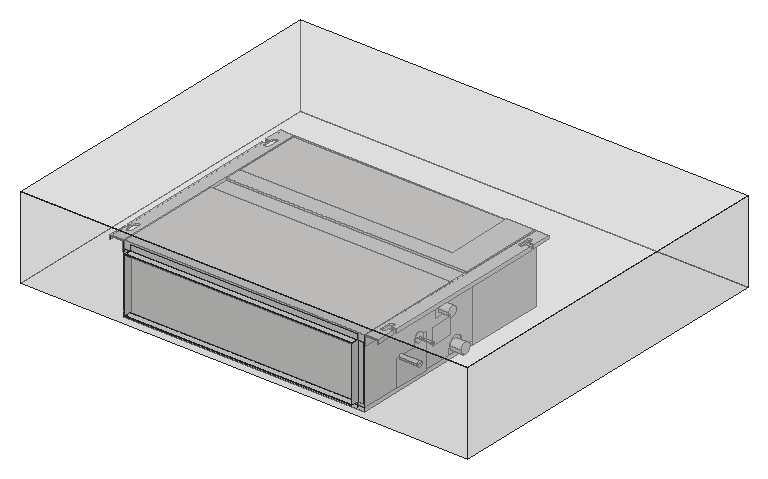
Revit family "outputfile", category 機械設備, Revit 2024
Family settings
  丸型コネクタ寸法 = 半径を使用
  パーツ タイプ = 標準
  OmniClass 番号 = 23.75.10.24.21.27.27
  OmniClass タイトル = Split System Air Conditioning Units
  作業面ベース = いいえ
  常に垂直 = はい
  ロード時にボイドで切り取り = いいえ
  注釈の向きを維持 = いいえ
  共有 = いいえ
  部屋計算ポイント = はい
Parameters (values of type "FXDQ25PDVE")
  Description = ""
  製造元 = "Daikin"
  書き出し IFC クラス(タイプ) = "IfcUnitaryEquipmentType"
  定義済み IFC タイプ(タイプ) = "AIRCONDITIONINGUNIT"
  Cost = 0
  モデル = "FXDQ25PDVE"
  Type Comments = ""
  Keynote = ""
  Type Image = (empty or 0)
  Assembly Code = ""
  w_pipe = 33.0 mm
  r_Liquid Pipe Size = Liquid Pipe Size / 2  # 3.2 mm
  r_Gas Pipe Size = Gas Pipe Size / 2  # 6.35 mm
  r_Drain Pipe Size = Drain Pipe Size / 2  # 10.0 mm
  lw_powersupply = 304.0 mm
  lh_suctionflange [instance] = if(Rear Connection_Return Air, 100.0 mm + [h***], 190.0 mm + [h***])  # 100.0 mm
  ld_suctionflange [instance] = if(Rear Connection_Return Air, 190.0 mm, 100.0 mm)  # 190.0 mm
  ld_powersupply = 60.0 mm
  angle_vertical_RA [instance] = if(Rear Connection_Return Air, 90.00°, 0.00°)  # 90.00°
  angle horizontal_RA [instance] = if(Rear Connection_Return Air, 180.00°, 270.00°)  # 180.00°
  Voltage_comment_60Hz = "220"
  Voltage_comment_50Hz = "220-240"
  Voltage_60Hz = 220 V
  Voltage_50Hz = 220 V
  URL = ""
  Supply Air Direction [instance] = yes
  Sound Power Level_H speed (dB) = 54
  Rear Connection_Return Air [instance] = not(Bottom Connection_Return Air)  # yes
  RA_length = 190.0 mm  # constant formula
  Phase_60Hz = 1
  Phase_50Hz = 1
  Minimum External Static Pressure = 10.00 Pa
  Minimum Circuit Amps_60Hz = 0.9 A
  Minimum Circuit Amps_50Hz = 0.8 A
  Maximum Fuse Amps_60Hz = 16.0 A
  Maximum Fuse Amps_50Hz = 16.0 A
  Maximum External Static Pressure = 30.00 Pa
  Material_Casing = DAIKIN_GalvanizedSteel_Casing_indoorunit
  lw_liquidpipe = 46.0 mm  # constant formula
  lw_gaspipe = 57.0 mm  # constant formula
  lw_mountinghole_pitch = 740.0 mm  # constant formula
  lw_mountinghole = 20.0 mm  # constant formula
  lw_drainpipe = 33.0 mm  # constant formula
  lh_powersupply = 10.0 mm
  lh_liquidpipe = 110.0 mm
  lh_gaspipe = 87.0 mm
  lh_mountinghole = Height + [h***]  # 200.0 mm
  lh_drainpipe = 150.0 mm
  lh_dischargeflange = 100.0 mm
  lh_antena = 1.0 mm  # constant formula
  ld_liquidpipe = 193.0 mm  # constant formula
  ld_gaspipe = 130.0 mm  # constant formula
  ld_mountinghole_pitch = 500.0 mm  # constant formula
  ld_drainpipe = 280.0 mm
  ld_controlbox = 626.0 mm  # constant formula
  h*** = 0.0 mm  # constant formula
  d_dischargeflange = 21.2 mm  # constant formula
  Width = 700.0 mm
  Version = "ver.1.0"
  Unit Type = "Slim Duct (Standard) Type"
  Unit Mass Weight = 23.00 kg
  Unit Designation [instance] = ""
  Uniclass2015Version = "Products v1.30"
  Uniclass2015Title = "Variable refrigerant flow units"
  Uniclass2015Code = "Pr_70_65_03_94"
  Total Heating Capacity [instance] = 0.000 kW
  Total Cooling Capacity [instance] = 0.000 kW
  Sound Pressure Level_M speed (dBA) = 0
  Sound Pressure Level_L speed (dBA) = 23
  Sound Pressure Level_H speed (dBA) = 28
  Series = "VRV Fan Coil Unit"
  Sensible Cooling Capacity [instance] = 0.000 kW
  SA Duct Size Width = 660.0 mm
  SA Duct Size Height = 160.0 mm
  Refrigerant Type = "R410A"
  RA Duct Size Width = 600.0 mm
  RA Duct Size Height = 180.0 mm
  Power Input (Heating) = 0.067 kW
  Power Input (Cooling) = 0.086 kW
  Option Accessory 3 [instance] = ""
  Option Accessory 2 [instance] = ""
  Option Accessory 1 [instance] = ""
  Nominal Heating Capacity = 3.200 kW
  Nominal Cooling Capacity = 2.800 kW
  Minimum Airflow = 384.00 m³/h
  Median Airflow = 432.00 m³/h
  Maximum Airflow = 480.00 m³/h
  Load Classification = HVAC
  Liquid Pipe Size = 6.4 mm
  Link_Nested Family [instance] = ""
  IfcVersion = "0"
  IfcExportType = "AIRCONDITIONINGUNIT"
  IfcExportAs = "IfcUnitaryEquipmentType"
  Height = 200.0 mm
  Heating Entering Wet Bulb Temperature [instance] = 0.00 °C
  Heating Entering Dry Bulb Temperature [instance] = 0.00 °C
  Heating Ambient Wet Bulb Temperature [instance] = 0.00 °C
  Heating Ambient Dry Bulb Temperature [instance] = 0.00 °C
  Heat Exchanger Type = "Cross Fin Coil"
  Gas Pipe Size = 12.7 mm
  Frequency_60Hz = 60 Hz
  Frequency_50Hz = 50 Hz
  Fan Type = "Sirocco Fan"
  Fan Drive = "Direct Drive"
  FCU Tag No. [instance] = ""
  Drain Pipe Size = 20.0 mm
  Design Supply Airflow [instance] = 0.00 m³/h
  Design Return Airflow [instance] = 0.00 m³/h
  Design External Static Pressure [instance] = 0.00 Pa
  Depth = 620.0 mm
  既定の高さ = 0.0 mm
  Cooling Entering Wet Bulb Temperature [instance] = 0.00 °C
  Cooling Entering Dry Bulb Temperature [instance] = 0.00 °C
  Cooling Ambient Wet Bulb Temperature [instance] = 0.00 °C
  Cooling Ambient Dry Bulb Temperature [instance] = 0.00 °C
  Clearance visibility [instance] = yes
  Clearance Top = 20.0 mm
  Clearance Right = 300.0 mm
  Clearance Rear = 400.0 mm
  Clearance Left = 300.0 mm
  Clearance Front = 0.0 mm
  Clearance Bottom = 20.0 mm
  Bottom Connection_Return Air [instance] = no
Reference planes
  plane 1 "Center (Front/Back)": y = 0
  plane 2: z = 0
  plane 3 "Center (Left/Right)": x = 0
  plane 4 "Back": y = 310
  plane 5 "Front": y = -310
  plane 6 "Left": x = -350
  plane 7 "Right": x = 350
  plane 8 "Top": z = 0
  plane 9 "Bottom": z = -200
  plane 10: x = 330
  plane 11: x = -330
  plane 12: z = -190
  plane 13: z = -6
  plane 14: z = -22
  plane 15: z = -90
  plane 16: z = -113
  plane 17: x = -304
  plane 18: x = 304
  plane 19: x = -370
  plane 20: x = 370
  plane 21: y = -250
  plane 22: y = 250
  plane 23: x = -390
  plane 24: x = 390
  plane 25: x = 396
  plane 26: x = 407
  plane 27: x = 383
  plane 28: z = 0
  plane 29: z = -50
  plane 30 "Clearance Left": x = -650
  plane 31 "Clearance Right": x = 650
  plane 32 "Clearance Rear": y = 710
  plane 33 "Clearance Front": y = -310
  plane 34 "Clearance Top": z = 20
  plane 35 "Clearance Bottom": z = -220
  plane 36: z = -21
  plane 37: z = -170
  plane 38: z = -96.5
  plane 39: x = -40
  plane 40: y = -180
  plane 41: y = -117
  plane 42: y = -30
  plane 43: y = 20
  plane 44: z = -97.5
  plane 45: y = -309
  plane 46: x = -349
  plane 47: z = -100
  plane 48: z = -30
  plane 49: y = 210
  plane 50: z = 301
  plane 51: z = -199
  plane 52: y = 120
  plane 53: z = -101
Forms (mm)
  Extrusion 1, solid
    sketch origin (0, 0, 0) x (1, 0, 0) y (0, 0, 1)
      loop
        line (-350, -190) -> (-350, -200) -> (350, -200) -> (350, -190) -> (-350, -190)
    from -84 to 310
  Extrusion 2, solid, material "DAIKIN_GalvanizedSteel_Casing_indoorunit" <- "Material_Casing"
    sketch origin (0, 0, 0) x (1, 0, 0) y (0, 1, 0)
      loop
        line (-350, -309) -> (350, -309) -> (350, 310) -> (-350, 310) -> (-350, -309)
    from -200 to 0
  Extrusion 3, void
    sketch origin (0, 0, 1) x (1, 0, 0) y (0, 1, 0)
      loop
        line (-350, 62.179) -> (-350, 4.179) -> (350, 4.179) -> (350, 62.179) -> (-350, 62.179)
    from -1 to -7
  Extrusion 4, void
    sketch origin (0, 0, 0) x (0, 1, 0) y (0, 0, 1)
      loop
        line (-5, -190) -> (45, -190) -> (45, -170)
        arc (45, -170) -> (20, -145) -> (-5, -170) r 25
        line (-5, -170) -> (-5, -190)
    from 350 to 345
  Revolve 5, solid, material "DAIKIN_GalvanizedSteel_Casing_indoorunit" <- "Material_Casing"
    sketch origin (0, 0, -113) x (0, -1, 0) y (1, 0, 0)
      loop
        line (173.65, 351) -> (180, 351) -> (180, 407) -> (173.65, 407) -> (173.65, 351)
      axis (180, 351) -> (180, 407)
    angle from 0 to 360
  Revolve 6, solid, material "DAIKIN_GalvanizedSteel_Casing_indoorunit" <- "Material_Casing"
    sketch origin (0, 0, -90) x (0, -1, 0) y (1, 0, 0)
      loop
        line (117, 351) -> (117, 396) -> (113.8, 396) -> (113.8, 351) -> (117, 351)
      axis (117, 396) -> (117, 351)
    angle from 0 to 360
  Extrusion 7, solid, material "DAIKIN_GalvanizedSteel_Casing_indoorunit" <- "Material_Casing"
    sketch origin (0, 0, 0) x (0, 1, 0) y (0, 0, 1)
      loop
        circle (-116, -90) r 12.7
    from 350 to 355.007
  Extrusion 8, solid, material "DAIKIN_GalvanizedSteel_Casing_indoorunit" <- "Material_Casing"
    sketch origin (0, 0, 0) x (0, 1, 0) y (0, 0, 1)
      loop
        circle (20, -170) r 15
    from 345 to 380
  Extrusion 9, solid, material "DAIKIN_GalvanizedSteel_Casing_indoorunit" <- "Material_Casing"
    sketch origin (0, 0, 0) x (0, 1, 0) y (0, 0, 1)
      loop
        line (-52, -30) -> (-52, -70) -> (-11, -70) -> (-11, -30) -> (-52, -30)
    from 350 to 351
  Extrusion 10, solid, material "DAIKIN_GalvanizedSteel_Casing_indoorunit" <- "Material_Casing"
    sketch origin (0, 0, 0) x (0, 1, 0) y (0, 0, 1)
      loop
        circle (-30, -50.064) r 13
    from 350 to 383
  Extrusion 11, solid, material "DAIKIN_GalvanizedSteel_Casing_indoorunit" <- "Material_Casing"
    sketch origin (0, 0, 0) x (0, 1, 0) y (0, 0, 1)
      loop
        line (-63.609, -90) -> (-63.609, -136) -> (0.391, -136) -> (0.391, -90) -> (-63.609, -90)
    from 350 to 351
  Extrusion 12, solid, material "DAIKIN_GalvanizedSteel_Casing_indoorunit" <- "Material_Casing"
    sketch origin (0, 0, 0) x (1, 0, 0) y (0, 0, 1)
      loop
        line (-350, -190) -> (-350, -200) -> (350, -200) -> (350, -190) -> (-350, -190)
    from -84 to 310
  Extrusion 13, solid, material "DAIKIN_GalvanizedSteel_Casing_indoorunit" <- "Material_Casing", visible <- "Bottom Connection_Return Air"
    sketch origin (0, 0, 0) x (1, 0, 0) y (0, 0, 1)
      loop
        line (269, -199) -> (269, -1) -> (-349, -1) -> (-349, -199) -> (269, -199)
    from -310 to -309
  Extrusion 14, void
    sketch origin (0, 0, 0) x (1, 0, 0) y (0, 0, 1)
      loop
        line (269, 0) -> (-349, 0) -> (-349, -1) -> (269, -1) -> (269, 0)
    from -310 to -111
  Extrusion 15, solid, material "DAIKIN_GalvanizedSteel_Casing_indoorunit" <- "Material_Casing", visible <- "Rear Connection_Return Air"
    sketch origin (0, 0, 0) x (1, 0, 0) y (0, 1, 0)
      loop
        line (-349, 309) -> (-349, 111) -> (269, 111) -> (269, 309) -> (-349, 309)
    from -200 to -199
  Extrusion 16, solid, material "DAIKIN_GalvanizedSteel_Casing_indoorunit" <- "Material_Casing"
    sketch origin (0, 0, 0) x (0, 1, 0) y (0, 0, 1)
      loop
        line (-194, -113) -> (-194, -190) -> (-88.3, -190) -> (-88.3, -90) -> (-103.3, -90)
        arc (-103.3, -90) -> (-116, -102.7) -> (-128.7, -90) r 12.7
        line (-128.7, -90) -> (-128.7, -113) -> (-173.65, -113)
        arc (-173.65, -113) -> (-180, -119.35) -> (-186.35, -113) r 6.35
        line (-186.35, -113) -> (-194, -113)
    from 351 to 350
  Extrusion 17, solid, material "DAIKIN_GalvanizedSteel_Casing_indoorunit" <- "Material_Casing"
    sketch origin (0, 0, 0) x (0, 1, 0) y (0, 0, 1)
      loop
        line (84, -199) -> (310, -199) -> (310, -22) -> (91, -22) -> (84, -29) -> (84, -199)
    from 351 to 350
Cuts and joins
  Extrusion 3, Extrusion 4, Extrusion 14 cuts Extrusion 2
  Extrusion 4 cuts Extrusion 1
  Extrusion 14 cuts Extrusion 12
Dimensions and locks
  "lh_powersupply": plane 12 to plane 9 "Bottom"
  locked: plane 8 "Top" to plane 13 at 6
  "Height": plane 8 "Top" to plane 9 "Bottom"
  equal spacing: plane 17, plane 3 "Center (Left/Right)", plane 18, locked at 304 each
  locked: plane 17 to plane 18 at 608
  equal spacing: plane 19, plane 3 "Center (Left/Right)", plane 20, locked at 370 each
  "lw_mountinghole_pitch": plane 19 to plane 20
  locked: plane 14 to plane 9 "Bottom" at 178
  "lw_mountinghole": plane 23 to plane 19
  "lh_liquidpipe": plane 15 to plane 9 "Bottom"
  "lh_gaspipe": plane 16 to plane 9 "Bottom"
  "lh_mountinghole": plane 28 to plane 9 "Bottom"
  "ld_mountinghole_pitch": plane 22 to plane 21
  equal spacing: plane 6 "Left", plane 3 "Center (Left/Right)", plane 7 "Right", locked at 350 each
  "Width": plane 6 "Left" to plane 7 "Right"
  "lh_drainpipe": plane 29 to plane 9 "Bottom"
  "Clearance Right": plane 7 "Right" to plane 31 "Clearance Right"
  "Clearance Left": plane 30 "Clearance Left" to plane 6 "Left"
  "lw_gaspipe": plane 7 "Right" to plane 26
  "lw_liquidpipe": plane 7 "Right" to plane 25
  "lw_drainpipe": plane 7 "Right" to plane 27
  "Clearance Rear": plane 32 "Clearance Rear" to plane 4 "Back"
  "Clearance Front": plane 5 "Front" to plane 33 "Clearance Front"
  "Clearance Top": plane 34 "Clearance Top" to plane 8 "Top"
  "Clearance Bottom": plane 9 "Bottom" to plane 35 "Clearance Bottom"
  "ld_powersupply": plane 4 "Back" to plane 22
  "lw_powersupply": plane 3 "Center (Left/Right)" to plane 18
  locked: plane 8 "Top" to plane 36 at 21
  locked: plane 8 "Top" to plane 37 at 170
  locked: plane 40 to plane 41 at 63
  locked: plane 38 to plane 9 "Bottom" at 103.5
  locked: plane 36 to plane 44 at 76.5
  "Depth": plane 4 "Back" to plane 5 "Front"
  equal spacing: plane 4 "Back", plane 1 "Center (Front/Back)", plane 5 "Front"
  locked: plane 45 to plane 5 "Front" at 1
  locked: plane 46 to plane 6 "Left" at 1
  Extrusion 13 sketch curve to Extrusion 13 sketch curve = 198.0 mm
  locked: nested 13 to plane 39 at 300
  locked: plane 12 to plane 47 at 90
  plane 32 "Clearance Rear" to Extrusion 13 = 401.0 mm
  locked: plane 48 to plane 35 "Clearance Bottom" at 190
  locked: plane 49 to nested 14 at 90
  plane 50 to plane 28 = 301.0 mm
  locked: plane 51 to plane 9 "Bottom" at 1
  "ld_suctionflange": plane 4 "Back" to plane 52
  locked: plane 53 to plane 9 "Bottom" at 99
  aligned and locked: level to plane 2
  aligned and locked: Extrusion 2 to plane 9 "Bottom"
  aligned and locked: plane 8 "Top" to Extrusion 2
  aligned and locked: Revolve 5 sketch curve to Revolve 5 sketch curve
  aligned and locked: plane 15 to Extrusion 7 sketch curve
  aligned and locked: cut or joined group of Extrusion 1, Extrusion 4 to plane 9 "Bottom"
  aligned and locked: plane 24 to nested 1
  aligned and locked: nested 1 to plane 23
  aligned and locked: plane 27 to Extrusion 10
  aligned and locked: plane 25 to nested 6
  aligned and locked: nested 6 to plane 15
  aligned and locked: nested 2 to plane 22
  aligned and locked: plane 20 to nested 2
  aligned and locked: plane 20 to nested 3
  aligned and locked: plane 19 to nested 4
  aligned and locked: plane 22 to nested 5
  aligned and locked: nested 5 to plane 22
  aligned and locked: plane 19 to nested 5
  aligned and locked: nested 8 to plane 29
  aligned and locked: Extrusion 10 to nested 8
  aligned and locked: plane 27 to nested 8
  aligned and locked: plane 22 to nested 12
  aligned and locked: plane 18 to nested 12  (x2)
  aligned and locked: nested 12 to plane 18
  aligned and locked: plane 4 "Back" to nested 12
  aligned and locked: cut or joined group of Extrusion 2, Extrusion 3, Extrusion 4, Extrusion 14 to nested 12
  aligned and locked: nested 12 to plane 12
  aligned and locked: plane 8 "Top" to nested 1
  aligned and locked: Extrusion 12 to plane 5 "Front"
  aligned and locked: Extrusion 12 to plane 9 "Bottom"
  aligned and locked: nested 7 to plane 16
  aligned and locked: plane 4 "Back" to nested 1
  aligned and locked: nested 9 to plane 45
  aligned and locked: plane 40 to nested 7
  aligned and locked: plane 41 to nested 6
  aligned and locked: plane 42 to nested 8
  aligned and locked: Extrusion 8 sketch curve to plane 43
  aligned and locked: nested 13 to plane 46
  aligned and locked: plane 4 "Back" to Extrusion 14
  aligned and locked: nested 14 to Extrusion 15
  aligned and locked: nested 15 to plane 49
  aligned and locked: plane 8 "Top" to Extrusion 3
  aligned and locked: Extrusion 13 to cut or joined group of Extrusion 2, Extrusion 3, Extrusion 4, Extrusion 14
  aligned and locked: Extrusion 13 to nested 13
  aligned and locked: plane 9 "Bottom" to Extrusion 15  (x2)
  aligned and locked: plane 9 "Bottom" to nested 15
  aligned and locked: Extrusion 15 to plane 51
  aligned and locked: plane 4 "Back" to nested 13
  aligned and locked: Extrusion 14 to level
  aligned and locked: plane 32 "Clearance Rear" to nested 16
  aligned and locked: plane 31 "Clearance Right" to nested 16
  aligned and locked: plane 30 "Clearance Left" to nested 16
  aligned and locked: nested 16 to plane 33 "Clearance Front"
  aligned and locked: nested 16 to plane 34 "Clearance Top"
  aligned and locked: nested 16 to plane 35 "Clearance Bottom"
  aligned and locked: plane 7 "Right" to Extrusion 16
  aligned and locked: plane 4 "Back" to Extrusion 17
  aligned and locked: Extrusion 17 to plane 51
  aligned and locked: plane 7 "Right" to Extrusion 17
  aligned and locked: Extrusion 16 to Revolve 5 sketch curve
  aligned and locked: Extrusion 3 to plane 13
  aligned and locked: plane 52 to nested 17
  aligned and locked: plane 53 to nested 9
  aligned and locked: Extrusion 14 to nested 14
  aligned and locked: nested 11 to plane 36
  aligned and locked: level to plane 8 "Top"
Automatic sketch dimensions
  Extrusion 1 sketch curve to plane 6 "Left" = 0.0 mm
  Extrusion 1 sketch curve to plane 7 "Right" = 0.0 mm
  Extrusion 1 sketch curve to plane 9 "Bottom" = 0.0 mm
  Extrusion 1 sketch curve to plane 12 = 0.0 mm
  Extrusion 2 sketch curve to plane 4 "Back" = 0.0 mm
  Extrusion 2 sketch curve to plane 6 "Left" = 0.0 mm
  Extrusion 2 sketch curve to plane 7 "Right" = 0.0 mm
  Extrusion 2 sketch curve to plane 45 = 0.0 mm
  Extrusion 3 sketch curve to plane 6 "Left" = 0.0 mm
  Extrusion 3 sketch curve to plane 7 "Right" = 0.0 mm
  Extrusion 3 sketch curve to plane 1 "Center (Front/Back)" = 4.179 mm
  plane 43 to Extrusion 3 sketch curve = 42.179 mm
  Extrusion 4 sketch curve to plane 37 = 0.0 mm
  Extrusion 4 sketch curve to plane 12 = 0.0 mm
  Extrusion 4 sketch curve to plane 43 = 0.0 mm
  plane 1 "Center (Front/Back)" to Extrusion 4 sketch curve = 5.0 mm
  Revolve 6 sketch curve to plane 25 = 0.0 mm  (x2)
  Revolve 6 sketch curve to plane 41 = 0.0 mm  (x2)
  plane 41 to Revolve 6 sketch curve = 3.2 mm
  plane 7 "Right" to Revolve 6 sketch curve = 1.0 mm
  Revolve 6 sketch curve to Revolve 6 sketch curve = 0.0 mm
  plane 41 to Extrusion 7 sketch curve = 1.0 mm
  Extrusion 8 sketch curve to plane 37 = 0.0 mm
  Extrusion 9 sketch curve to plane 42 = 22.0 mm
  plane 1 "Center (Front/Back)" to Extrusion 9 sketch curve = 11.0 mm
  plane 15 to Extrusion 9 sketch curve = 20.0 mm
  Extrusion 9 sketch curve to plane 14 = 8.0 mm
  Extrusion 10 sketch curve to plane 42 = 0.0 mm
  Extrusion 10 sketch curve to plane 29 = 0.064 mm
  plane 15 to Extrusion 11 sketch curve = 0.0 mm
  Extrusion 11 sketch curve to plane 42 = 33.609 mm
  Extrusion 11 sketch curve to plane 1 "Center (Front/Back)" = 0.391 mm
  Extrusion 11 sketch curve to plane 16 = 23.0 mm
  Extrusion 12 sketch curve to plane 6 "Left" = 0.0 mm
  Extrusion 12 sketch curve to plane 7 "Right" = 0.0 mm
  Extrusion 12 sketch curve to plane 9 "Bottom" = 0.0 mm
  Extrusion 12 sketch curve to plane 12 = 0.0 mm
  plane 46 to Extrusion 13 sketch curve = 0.0 mm
  Extrusion 13 sketch curve to plane 18 = 35.0 mm
  plane 46 to Extrusion 14 sketch curve = 0.0 mm
  Extrusion 14 sketch curve to plane 18 = 35.0 mm
  Extrusion 14 sketch curve to plane 8 "Top" = 1.0 mm
  Extrusion 15 sketch curve to plane 46 = 0.0 mm
  Extrusion 15 sketch curve to plane 4 "Back" = 1.0 mm
  Extrusion 15 sketch curve to plane 18 = 35.0 mm
  plane 43 to Extrusion 15 sketch curve = 91.0 mm
  plane 35 "Clearance Bottom" to Extrusion 14 sketch curve = 220.0 mm
  Extrusion 13 sketch curve to plane 51 = 0.0 mm
  Extrusion 16 sketch curve to plane 12 = 0.0 mm
  Extrusion 16 sketch curve to plane 16 = 0.0 mm
  Extrusion 16 sketch curve to plane 40 = 0.0 mm
  Extrusion 16 sketch curve to plane 15 = 0.0 mm
  Extrusion 16 sketch curve to Extrusion 16 sketch curve = 6.35 mm
  Extrusion 16 sketch curve to Extrusion 16 sketch curve = 7.65 mm
  Extrusion 16 sketch curve to plane 41 = 11.7 mm
  plane 41 to Extrusion 16 sketch curve = 1.0 mm
  Extrusion 16 sketch curve to Extrusion 16 sketch curve = 27.7 mm
  Extrusion 17 sketch curve to plane 51 = 0.0 mm
  Extrusion 17 sketch curve to plane 14 = 0.0 mm
  plane 48 to Extrusion 17 sketch curve = 1.0 mm
  plane 43 to Extrusion 17 sketch curve = 64.0 mm
  Extrusion 17 sketch curve to Extrusion 17 sketch curve = 7.0 mm
  Extrusion 17 sketch curve to plane 4 "Back" = 0.0 mm
  Revolve 5 sketch curve to plane 26 = 0.0 mm
  Revolve 5 sketch curve to plane 40 = 0.0 mm
  plane 40 to Revolve 5 sketch curve = 6.35 mm
  Revolve 5 sketch curve to Revolve 5 sketch curve = 1.003 mm  (x2)
  radius of Extrusion 7 sketch curve = 12.7 mm
  radius of Extrusion 8 sketch curve = 15.0 mm
  radius of Extrusion 10 sketch curve = 13.0 mm
Nested families
  nested 1: "daikin_hangerfixture_FXDQ-PDVE" at (0, 0.5, 0), type "daikin_hangerfixture_FXDQ-PDVE"
  nested 2: "daikin_mountinghole" at (370, 250, -200), l_antenna <- "lh_antena", Link_Nested Family <- "Link_Nested Family", h_mountinghole <- "lh_mountinghole", type "daikin_mountinghole"
    with show yes, l_antenna 1.0 mm, h_mountinghole 200.0 mm, Link_Nested Family ""
  nested 3: "daikin_mountinghole" at (370, -250, -200), Link_Nested Family <- "Link_Nested Family", l_antenna <- "lh_antena", h_mountinghole <- "lh_mountinghole", type "daikin_mountinghole"
    with show yes, l_antenna 1.0 mm, h_mountinghole 200.0 mm, Link_Nested Family ""
  nested 4: "daikin_mountinghole" at (-370, -250, -200), l_antenna <- "lh_antena", Link_Nested Family <- "Link_Nested Family", h_mountinghole <- "lh_mountinghole", type "daikin_mountinghole"
    with show yes, l_antenna 1.0 mm, h_mountinghole 200.0 mm, Link_Nested Family ""
  nested 5: "daikin_mountinghole" at (-370, 250, -200), l_antenna <- "lh_antena", Link_Nested Family <- "Link_Nested Family", h_mountinghole <- "lh_mountinghole", type "daikin_mountinghole"
    with show yes, l_antenna 1.0 mm, h_mountinghole 200.0 mm, Link_Nested Family ""
  nested 6: "daikin_connector_rotate2" at (350, -117, -90) x (0, 1, 0) z (0, 0, 1), length <- "lw_liquidpipe", built-in parameter 1001364 <- "lh_liquidpipe", radius <- "r_Liquid Pipe Size", type "daikin_connector_rotate2"
    with radius 3.2 mm, length 46.0 mm, angle_vertical 90.00°, show_face no
  nested 7: "daikin_connector_rotate2" at (350, -180, -113) x (0, 1, 0) z (0, 0, 1), length <- "lw_gaspipe", built-in parameter 1001364 <- "lh_gaspipe", radius <- "r_Gas Pipe Size", type "daikin_connector_rotate2"
    with radius 6.35 mm, length 57.0 mm, angle_vertical 90.00°, show_face no
  nested 8: "daikin_connector_rotate2" at (350, -30, -50) x (0, 1, 0) z (0, 0, 1), built-in parameter 1001364 <- "lh_drainpipe", length <- "lw_drainpipe", radius <- "r_Drain Pipe Size", type "daikin_connector_rotate2"
    with radius 10.0 mm, length 33.0 mm, angle_vertical 90.00°, show_face no
  nested 9: "daikin_connector_rotate2" at (0, -309, -101), length <- "d_dischargeflange", built-in parameter 1001364 <- "lh_dischargeflange", type "daikin_connector_rotate2"
    with radius 10.0 mm, length 21.2 mm, angle_vertical 90.00°, show_face no
  nested 10: "daikin_△_symbolicline" at (-76.446, -102.452, 200) x (-0.5, 0.866, 0) z (0, 0, 1), built-in parameter 1001364 <- "Height", visible <- "Supply Air Direction", type "daikin_△_symbolicline"
    with length 300.0 mm
  nested 11: "daikin_ductflange_FXDQ-PDVE" at (0, 4.5, -371.201), material <- "Material_Casing", type "daikin_ductflange_FXDQ-PDVE"
    with width 660.0 mm, material DAIKIN_GalvanizedSteel_Casing_indoorunit, height 162.0 mm, depth 21.2 mm
  nested 12: "daikin_connector_rotate2" at (304, 250, -190) x (-1, 0, 0) z (0, 0, 1), built-in parameter 1001364 <- "lh_powersupply", length <- "ld_powersupply", type "daikin_connector_rotate2"
    with radius 10.0 mm, length 60.0 mm, angle_vertical 90.00°, show_face no
  nested 13: "daikin_ductflange_FXDQ-PDVE2" at (-40, 310, -100), visible <- "Rear Connection_Return Air", material <- "Material_Casing", type "daikin_ductflange_FXDQ-PDVE2"
    with width 620.0 mm, material DAIKIN_GalvanizedSteel_Casing_indoorunit, height 180.0 mm, depth 21.2 mm
  nested 14: "daikin_ductflange_FXDQ-PDVE2" at (-40, 210, -200) x (1, 0, 0) z (0, 1, 0), visible <- "Bottom Connection_Return Air", material <- "Material_Casing", type "daikin_ductflange_FXDQ-PDVE2"
    with width 620.0 mm, material DAIKIN_GalvanizedSteel_Casing_indoorunit, height 180.0 mm, depth 21.2 mm
  nested 15: "daikin_connector_rotate2" at (-40, 210, -178.8) x (1, 0, 0) z (0, 1, 0), length <- "d_dischargeflange", built-in parameter 1001364 <- "lh_dischargeflange", type "daikin_connector_rotate2"
    with radius 10.0 mm, length 21.2 mm, angle_vertical 90.00°, show_face no
  nested 16: "daikin_clearancespace" at (0, 200, -99.881), visible <- "Clearance visibility", show <- "Clearance visibility", Link_Nested Family <- "Link_Nested Family", type "daikin_clearancespace"
    with width 1300.0 mm, show yes, height 240.0 mm, depth 1020.0 mm, Link_Nested Family ""
  nested 17: "daikin_connector_rotate3" at (-40, 120, -100), built-in parameter 1001364 <- "lh_suctionflange", angle_vertical <- "angle_vertical_RA", angle_horizontal <- "angle horizontal_RA", length <- "RA_length", type "daikin_connector_rotate3"
    with show no, radius 10.0 mm, length 190.0 mm, angle_vertical 90.00°, angle_horizontal 180.00°
Connectors
  piping at (407, -180, -113), diameter 12.7, driven by "r_Gas Pipe Size"
    settings: on nested 7, index 1, connector inside diameter 609.6 mm, connector length 0.0 mm, flow factor 0, pipe flow 0.00 m³/h, pressure drop 0.0 Pa, fitting loss kfactor 0, connector angle 0.00°, fixture units 0, engagement length 0.0 mm, angle of deflection 0.00°, flow configuration 1, flow direction 2, fitting loss method 0, system type 29, joint type 0, gender type 0, connector reference index -1, connector utility 0, adjustable connector no, is connector primary yes, connector description "Refrigerant Gas Piping"
  piping at (396, -117, -90), diameter 6.4, driven by "r_Liquid Pipe Size"
    settings: on nested 6, index 2, connector inside diameter 609.6 mm, connector length 0.0 mm, flow factor 0, pipe flow 0.00 m³/h, pressure drop 0.0 Pa, fitting loss kfactor 0, connector angle 0.00°, fixture units 0, engagement length 0.0 mm, angle of deflection 0.00°, flow configuration 1, flow direction 1, fitting loss method 0, system type 29, joint type 0, gender type 0, connector reference index -1, connector utility 0, adjustable connector no, is connector primary no, connector description "Refrigerant Liquid Piping"
  piping at (383, -30, -50), diameter 20, driven by "r_Drain Pipe Size"
    settings: on nested 8, index 3, connector inside diameter 609.6 mm, connector length 0.0 mm, flow factor 0, pipe flow 0.00 m³/h, pressure drop 0.0 Pa, fitting loss kfactor 0, connector angle 0.00°, fixture units 0, engagement length 0.0 mm, angle of deflection 0.00°, flow configuration 1, flow direction 2, fitting loss method 4, system type 16, joint type 0, gender type 0, connector reference index -1, connector utility 0, adjustable connector no, is connector primary no, connector description "Condensate Drain Piping"
  hvac at (0, -330.2, -101), driven by "SA Duct Size Height", driven by "SA Duct Size Width"
    settings: on nested 9, index 7, duct flow 0.00 m³/h, flow factor 0, pres drop 0.00 Pa, loss coef 0, conn angle 0.00°, conn width 660.0 mm, conn height 160.0 mm, conn diameter 609.6 mm, duct sys type 1, conn prof type 1, flow config 0, flow direction 2, loss method 4, conn ref index -1, conn util no, is conn primary yes, conn desc "SA Duct"
  electrical at (304, 310, -190), driven by "Load Classification"
    settings: on nested 12, index 9, voltage 0 V, apparent load 0 VA, apparent load phase1 0 VA, apparent load phase2 0 VA, apparent load phase3 0 VA, power factor 1, load classification "HVAC", number of poles 1, system type 30, power factor state 1, is connector primary yes, connector utility no, sub classification motor no, connector description "Power Supply"
  hvac at (-40, 310, -100), driven by "RA Duct Size Height", driven by "RA Duct Size Width"
    settings: on nested 17, index 10, duct flow 0.00 m³/h, flow factor 0, pres drop 0.00 Pa, loss coef 0, conn angle 0.00°, conn width 600.0 mm, conn height 180.0 mm, conn diameter 609.6 mm, duct sys type 2, conn prof type 1, flow config 0, flow direction 1, loss method 4, conn ref index -1, conn util no, is conn primary no, conn desc "RA Duct"
Definition of nested family "daikin_hangerfixture_FXDQ-PDVE"
  Parameters (values of type "daikin_hangerfixture_FXDQ-PDVE")
    width = 48.0 mm
    material = none
    height = 65.0 mm
    depth = 619.0 mm
    Default Elevation = 0.0 mm
  Reference planes
    plane 1 "Center (Front/Back)": y = 0
    plane 2: z = 0
    plane 3 "Center (Left/Right)": x = 0
    plane 4: x = 350
    plane 5: y = 309.5
    plane 6: y = -309.5
  Forms (mm)
    Extrusion 1, solid, material <- "material"
      sketch origin (0, 0, 0) x (1, 0, 0) y (0, 0, 1)
        loop
          line (350, 0) -> (350, -30) -> (352.3, -30) -> (352.3, -2.3) -> (387.7, -2.3) -> (387.7, -10) -> (390, -10) -> (390, 0) -> (350, 0)
      from -309.5 to 309.5
    Extrusion 2, void
      sketch origin (0, 0, 0) x (0, 1, 0) y (0, 0, 1)
        loop
          line (309.5, -30) -> (309.5, -17.979) -> (87.935, -17.979) -> (75.914, -30) -> (309.5, -30)
      from 0 to 618
    Extrusion 3, void
      sketch origin (0, 0, 0) x (1, 0, 0) y (0, 1, 0)
        loop
          line (390, -244) -> (377, -244) -> (377, -237.5)
          arc (377, -237.5) -> (370, -230.5) -> (363, -237.5) r 7
          line (363, -237.5) -> (363, -263.5)
          arc (363, -263.5) -> (370, -270.5) -> (377, -263.5) r 7
          line (377, -263.5) -> (377, -257) -> (390, -257) -> (390, -244)
        loop
          line (390, 243) -> (390, 256) -> (377, 256) -> (377, 262.5)
          arc (377, 262.5) -> (370, 269.5) -> (363, 262.5) r 7
          line (363, 262.5) -> (363, 236.5)
          arc (363, 236.5) -> (370, 229.5) -> (377, 236.5) r 7
          line (377, 236.5) -> (377, 243) -> (390, 243)
      from -254.96 to 618
    Extrusion 4, solid, material <- "material"
      sketch origin (0, 0, 0) x (-1, 0, 0) y (0, 0, -1)
        loop
          line (350, 0) -> (390, 0) -> (390, 10) -> (387.7, 10) -> (387.7, 2.3) -> (352.3, 2.3) -> (352.3, 30) -> (350, 30) -> (350, 0)
      from -309.5 to 309.5
    Extrusion 5, void
      sketch origin (0, 0, 0) x (-1, 0, 0) y (0, -1, 0)
        loop
          line (390, 244) -> (390, 257) -> (377, 257) -> (377, 263.5)
          arc (377, 263.5) -> (370, 270.5) -> (363, 263.5) r 7
          line (363, 263.5) -> (363, 237.5)
          arc (363, 237.5) -> (370, 230.5) -> (377, 237.5) r 7
          line (377, 237.5) -> (377, 244) -> (390, 244)
        loop
          line (390, -243) -> (377, -243) -> (377, -236.5)
          arc (377, -236.5) -> (370, -229.5) -> (363, -236.5) r 7
          line (363, -236.5) -> (363, -262.5)
          arc (363, -262.5) -> (370, -269.5) -> (377, -262.5) r 7
          line (377, -262.5) -> (377, -256) -> (390, -256) -> (390, -243)
      from -254.96 to 618
  Cuts and joins
    Extrusion 2, Extrusion 3, Extrusion 5 cuts Extrusion 1
    Extrusion 5 cuts Extrusion 4
  Dimensions and locks
    locked: plane 4 to plane 3 "Center (Left/Right)" at 350
    equal spacing: plane 5, plane 1 "Center (Front/Back)", plane 6
    "depth": plane 5 to plane 6
    locked: plane 3 "Center (Left/Right)" to plane 4 at 350
    plane 6 to plane 1 "Center (Front/Back)" to plane 5 = 309.5 mm, 309.5 mm
    aligned and locked: level to plane 2
    aligned and locked: plane 5 to Extrusion 1
    aligned and locked: Extrusion 1 to plane 6
    aligned and locked: Extrusion 1 to plane 4
    aligned and locked: plane 5 to cut or joined group of Extrusion 1, Extrusion 2, Extrusion 3, Extrusion 5
    aligned and locked: cut or joined group of Extrusion 1, Extrusion 2, Extrusion 3, Extrusion 5 to plane 6
    aligned and locked: level to cut or joined group of Extrusion 1, Extrusion 2, Extrusion 3, Extrusion 5
    aligned and locked: plane 5 to cut or joined group of Extrusion 4, Extrusion 5
    aligned and locked: cut or joined group of Extrusion 4, Extrusion 5 to plane 6
  Automatic sketch dimensions
    Extrusion 1 sketch curve to plane 4 = 0.0 mm
    Extrusion 1 sketch curve to level = 0.0 mm
    plane 4 to Extrusion 1 sketch curve = 2.3 mm
    Extrusion 1 sketch curve to level = 2.3 mm
    Extrusion 1 sketch curve to Extrusion 1 sketch curve = 35.4 mm
    Extrusion 1 sketch curve to Extrusion 1 sketch curve = 2.3 mm
    Extrusion 1 sketch curve to Extrusion 1 sketch curve = 7.7 mm
    Extrusion 1 sketch curve to Extrusion 1 sketch curve = 27.7 mm
    Extrusion 2 sketch curve to plane 5 = 0.0 mm
    Extrusion 2 sketch curve to level = 17.979 mm
    Extrusion 2 sketch curve to plane 1 "Center (Front/Back)" = 87.935 mm
    Extrusion 2 sketch curve to level = 30.0 mm
    Extrusion 2 sketch curve to Extrusion 2 sketch curve = 12.021 mm
    plane 4 to Extrusion 3 sketch curve = 13.0 mm  (x2)
    Extrusion 3 sketch curve to Extrusion 3 sketch curve = 7.0 mm  (x4)
    Extrusion 3 sketch curve to Extrusion 3 sketch curve = 13.0 mm  (x4)
    plane 6 to Extrusion 3 sketch curve = 46.0 mm
    Extrusion 3 sketch curve to Extrusion 3 sketch curve = 6.5 mm  (x4)
    Extrusion 3 sketch curve to plane 5 = 73.0 mm
    Extrusion 4 sketch curve to level = 0.0 mm
    Extrusion 4 sketch curve to level = 30.0 mm
    Extrusion 4 sketch curve to plane 3 "Center (Left/Right)" = 350.0 mm
    Extrusion 4 sketch curve to Extrusion 4 sketch curve = 2.3 mm  (x2)
    Extrusion 4 sketch curve to level = 2.3 mm
    Extrusion 4 sketch curve to Extrusion 4 sketch curve = 35.4 mm
    Extrusion 4 sketch curve to Extrusion 4 sketch curve = 7.7 mm
    Extrusion 5 sketch curve to plane 5 = 73.0 mm
    Extrusion 5 sketch curve to plane 3 "Center (Left/Right)" = 363.0 mm  (x2)
    plane 6 to Extrusion 5 sketch curve = 72.0 mm
    Extrusion 5 sketch curve to Extrusion 5 sketch curve = 7.0 mm  (x4)
    Extrusion 5 sketch curve to Extrusion 5 sketch curve = 13.0 mm  (x4)
    Extrusion 5 sketch curve to Extrusion 5 sketch curve = 6.5 mm  (x4)
Definition of nested family "daikin_ductflange_FXDQ-PDVE"
  Parameters (values of type "daikin_ductflange_FXDQ-PDVE")
    width [instance] = 660.0 mm
    material [instance] = none
    height [instance] = 162.0 mm
    depth [instance] = 21.2 mm
    Default Elevation = 0.0 mm
  Reference planes
    plane 1 "Center (Front/Back)": y = 0
    plane 2: z = 189.201
    plane 3 "Center (Left/Right)": x = 0
    plane 4: y = -313.5
    plane 5: x = -330
    plane 6: x = 330
    plane 7: y = -334.7
    plane 8: z = 351.201
    plane 9: z = 270.201
    plane 10: z = 350.201
    plane 11: z = 190.201
  Forms (mm)
    Extrusion 1, solid, material <- "material"
      sketch origin (0, 0, 189.201) x (1, 0, 0) y (0, 1, 0)
        loop
          line (-330, -334.7) -> (-330, -313.5) -> (-348, -313.5) -> (-348, -314.5) -> (-331, -314.5) -> (-331, -334.7) -> (-330, -334.7)
        loop
          line (330, -334.7) -> (331, -334.7) -> (331, -314.5) -> (348, -314.5) -> (348, -313.5) -> (330, -313.5) -> (330, -334.7)
      from 1 to 161
    Extrusion 2, solid, material <- "material"
      sketch origin (0, 0, 0) x (0, 1, 0) y (0, 0, 1)
        loop
          line (-313.5, 350.201) -> (-313.5, 365.201) -> (-314.5, 365.201) -> (-314.5, 351.201) -> (-334.7, 351.201) -> (-334.7, 350.201) -> (-313.5, 350.201)
        loop
          line (-313.5, 190.201) -> (-334.7, 190.201) -> (-334.7, 189.201) -> (-314.5, 189.201) -> (-314.5, 175.201) -> (-313.5, 175.201) -> (-313.5, 190.201)
      from -330 to 330
  Dimensions and locks
    plane 4 to plane 1 "Center (Front/Back)" = 313.5 mm
    "depth": plane 7 to plane 4
    equal spacing: plane 8, plane 9, level, locked at 81 each
    "height": plane 8 to level
    equal spacing: plane 6, plane 3 "Center (Left/Right)", plane 5, locked at 330 each
    "width": plane 6 to plane 5
    plane 5 to plane 6 = 660.0 mm
    locked: Extrusion 1 sketch curve to Extrusion 1 sketch curve at 660
    locked: plane 8 to plane 10 at 1
    locked: plane 11 to level at 1
    locked: Extrusion 1 to Extrusion 2 sketch curve at 1
    locked: Extrusion 2 sketch curve to Extrusion 1 at 1
    locked: Extrusion 1 sketch curve to Extrusion 1 sketch curve at 1  (x2)
    aligned and locked: level to plane 2
    aligned and locked: plane 4 to Extrusion 1  (x2)
    aligned and locked: plane 5 to Extrusion 1
    aligned and locked: Extrusion 1 to plane 7  (x2)
    aligned and locked: Extrusion 1 to plane 6
    aligned and locked: Extrusion 1 to plane 10
    aligned and locked: Extrusion 1 to plane 11
    aligned and locked: plane 10 to Extrusion 1
    aligned and locked: plane 11 to Extrusion 1
    aligned and locked: Extrusion 2 to plane 5
    aligned and locked: plane 5 to Extrusion 2
    aligned and locked: plane 6 to Extrusion 2
    aligned and locked: Extrusion 2 to plane 6
    aligned and locked: Extrusion 2 to plane 11
    aligned and locked: Extrusion 2 to plane 10
  Automatic sketch dimensions
    Extrusion 1 sketch curve to plane 4 = 0.0 mm  (x2)
    Extrusion 1 sketch curve to plane 7 = 0.0 mm  (x2)
    Extrusion 1 sketch curve to plane 5 = 0.0 mm
    Extrusion 1 sketch curve to plane 5 = 1.0 mm
    Extrusion 1 sketch curve to Extrusion 1 sketch curve = 17.0 mm  (x2)
    plane 6 to Extrusion 1 sketch curve = 1.0 mm
    Extrusion 2 sketch curve to plane 7 = 0.0 mm  (x2)
    Extrusion 2 sketch curve to plane 4 = 0.0 mm  (x2)
    Extrusion 2 sketch curve to plane 11 = 0.0 mm
    Extrusion 2 sketch curve to plane 10 = 0.0 mm
    Extrusion 2 sketch curve to plane 4 = 1.0 mm  (x2)
    Extrusion 2 sketch curve to level = 14.0 mm
    plane 8 to Extrusion 2 sketch curve = 14.0 mm
Definition of nested family "daikin_ductflange_FXDQ-PDVE2"
  Parameters (values of type "daikin_ductflange_FXDQ-PDVE2")
    width [instance] = 620.0 mm
    material [instance] = none
    height [instance] = 180.0 mm
    depth [instance] = 21.2 mm
    Default Elevation = 0.0 mm
  Reference planes
    plane 1 "Center (Front/Back)": y = 0
    plane 2: z = 0
    plane 3 "Center (Left/Right)": x = 0
    plane 4: y = -313.5
    plane 5: y = -334.7
    plane 6: x = -310
    plane 7: x = 310
    plane 8: z = 90
    plane 9: z = -90
    plane 10: z = 100
    plane 11: z = -100
    plane 12: x = -309
    plane 13: x = 309
  Forms (mm)
    Extrusion 1, solid, material <- "material"
      sketch origin (0, 0, 0) x (1, 0, 0) y (0, 0, 1)
        loop
          line (-300, 90) -> (-300, -90) -> (300, -90) -> (300, 90) -> (-300, 90)
        loop
          line (-309, -99) -> (309, -99) -> (309, 99) -> (-309, 99) -> (-309, -99)
      from 0 to 1
  Dimensions and locks
    plane 4 to plane 1 "Center (Front/Back)" = 313.5 mm
    "depth": plane 5 to plane 4
    equal spacing: plane 7, plane 3 "Center (Left/Right)", plane 6, locked at 310 each
    "width": plane 7 to plane 6
    equal spacing: plane 8, level, plane 9, locked at 90 each
    "height": plane 8 to plane 9
    equal spacing: plane 10, level, plane 11, locked at 100 each
    locked: plane 10 to plane 11 at 200
    plane 12 to plane 6 = 1.0 mm
    locked: plane 7 to plane 13 at 1
    locked: Extrusion 1 sketch curve to Extrusion 1 sketch curve at 9  (x4)
    locked: plane 10 to Extrusion 1 sketch curve at 1
    locked: Extrusion 1 sketch curve to plane 11 at 1
    aligned and locked: level to plane 2
  Automatic sketch dimensions
    plane 6 to Extrusion 1 sketch curve = 1.0 mm
    Extrusion 1 sketch curve to plane 7 = 1.0 mm
Definition of nested family "daikin_clearancespace"
  Parameters (values of type "daikin_clearancespace")
    width [instance] = 1823.963 mm
    show [instance] = yes
    material = none
    height [instance] = 1359.762 mm
    depth [instance] = 880.0 mm
    Default Elevation = 0.0 mm
    Link_Nested Family [instance] = ""
  Reference planes
    plane 1 "Center (Front/Back)": y = 0
    plane 2 "Center (Elevation)": z = -0.119
    plane 3 "Center (Left/Right)": x = 0
    plane 4: y = 440
    plane 5: y = -440
    plane 6 "Right": x = 911.982
    plane 7 "Left": x = -911.982
    plane 8 "Top": z = 679.762
    plane 9 "Bottom": z = -680
  Forms (mm)
    Extrusion 1, solid, material <- "material", visible <- "show"
      sketch origin (0, 0, 0) x (1, 0, 0) y (0, 1, 0)
        loop
          line (-911.982, 440) -> (-911.982, -440) -> (911.982, -440) -> (911.982, 440) -> (-911.982, 440)
      from -680 to 679.762
  Lines and regions (mm)
    symbolic lines, visible <- "show"
      curve 1: line (911.982, 440, 0) -> (-911.982, 440, 0)
      curve 2: line (-911.982, 440, 0) -> (-911.982, -440, 0)
      curve 3: line (-911.982, -440, 0) -> (911.982, -440, 0)
      curve 4: line (911.982, -440, 0) -> (911.982, 440, 0)
      curve 5: line (911.982, 0, 679.762) -> (-911.982, 0, 679.762)
      curve 6: line (911.982, 0, -680) -> (911.982, 0, 679.762)
      curve 7: line (-911.982, 0, -680) -> (911.982, 0, -680)
      curve 8: line (-911.982, 0, 679.762) -> (-911.982, 0, -680)
      curve 9: line (0, 440, 679.762) -> (0, -440, 679.762)
      curve 10: line (0, -440, 679.762) -> (0, -440, -680)
      curve 11: line (0, 440, -680) -> (0, 440, 679.762)
      curve 12: line (0, -440, -680) -> (0, 440, -680)
  Dimensions and locks
    "width": plane 7 "Left" to plane 6 "Right"
    "depth": plane 4 to plane 5
    "height": plane 8 "Top" to plane 9 "Bottom"
    equal spacing: plane 7 "Left", plane 3 "Center (Left/Right)", plane 6 "Right"
    equal spacing: plane 4, plane 1 "Center (Front/Back)", plane 5
    equal spacing: plane 8 "Top", plane 2 "Center (Elevation)", plane 9 "Bottom"
    aligned and locked: level to plane 2 "Center (Elevation)"
    aligned and locked: Extrusion 1 sketch curve to plane 4
    aligned and locked: plane 7 "Left" to Extrusion 1 sketch curve
    aligned and locked: Extrusion 1 sketch curve to plane 5
    aligned and locked: Extrusion 1 sketch curve to plane 6 "Right"
    aligned and locked: plane 8 "Top" to Extrusion 1
    aligned and locked: curve 1 to Extrusion 1
    aligned and locked: curve 2 to Extrusion 1
    aligned and locked: curve 3 to Extrusion 1
    aligned and locked: curve 4 to Extrusion 1
    aligned and locked: curve 5 to Extrusion 1
    aligned and locked: curve 6 to Extrusion 1
    aligned and locked: curve 7 to Extrusion 1
    aligned and locked: curve 8 to Extrusion 1
    aligned and locked: curve 9 to Extrusion 1
    aligned and locked: curve 10 to Extrusion 1
    aligned and locked: curve 11 to Extrusion 1
    aligned and locked: curve 12 to Extrusion 1
    aligned and locked: Extrusion 1 to plane 9 "Bottom"
Definition of nested family "daikin_mountinghole"
  Parameters (values of type "daikin_mountinghole")
    Default Elevation = 1219.2 mm
    Type Comments = "mountinghole"
    show [instance] = yes
    material = none
    l_centerline = 100.0 mm
    l_antenna [instance] = 100.0 mm
    h_mountinghole [instance] = 0.0 mm
    d_circle = 30.0 mm
    Link_Nested Family [instance] = ""
  Reference planes
    plane 1 "Center (Front/Back)": y = 0
    plane 2: z = 0
    plane 3 "Center (Left/Right)": x = 0
    plane 4: y = 50
    plane 5: x = -50
    plane 6: x = 50
    plane 7: y = -50
    plane 8 "h_mountinghole": z = 0
    plane 9: z = 100
  Lines and regions (mm)
    model lines, detail levels fine
      curve 1: circle (0, 0, 0) r 15 normal (0, 0, 1)
      curve 2: line (-50, 0, 0) -> (50, 0, 0)
      curve 3: line (0, 50, 0) -> (0, -50, 0)
    symbolic lines, detail levels fine
      curve 4: circle (0, 0, 0) r 15 normal (0, 0, 1)
      curve 5: line (-50, 0, 0) -> (50, 0, 0)
      curve 6: line (0, 50, 0) -> (0, -50, 0)
    model lines
      curve 7: line (0, 0, 100) -> (0, 0, 0)
  Dimensions and locks
    equal spacing: plane 4, plane 1 "Center (Front/Back)", plane 7
    "l_centerline": plane 4 to plane 7
    equal spacing: plane 5, plane 3 "Center (Left/Right)", plane 6
    "l_centerline": plane 5 to plane 6
    "l_antenna": plane 9 to plane 8 "h_mountinghole"
    "h_mountinghole": plane 8 "h_mountinghole" to plane 2
    "d_circle": diameter of curve 1
    "d_circle": diameter of curve 4
    aligned and locked: level to plane 2
    aligned and locked: plane 1 "Center (Front/Back)" to curve 1
    aligned and locked: plane 3 "Center (Left/Right)" to curve 1
    aligned and locked: plane 1 "Center (Front/Back)" to curve 2
    aligned and locked: curve 3 to plane 3 "Center (Left/Right)"
    aligned and locked: plane 6 to curve 2
    aligned and locked: plane 5 to curve 2
    aligned and locked: plane 4 to curve 3
    aligned and locked: plane 7 to curve 3
    aligned and locked: plane 1 "Center (Front/Back)" to curve 4
    aligned and locked: plane 3 "Center (Left/Right)" to curve 4
    aligned and locked: plane 6 to curve 5
    aligned and locked: plane 5 to curve 5
    aligned and locked: plane 1 "Center (Front/Back)" to curve 5
    aligned and locked: plane 4 to curve 6
    aligned and locked: plane 7 to curve 6
    aligned and locked: curve 6 to plane 3 "Center (Left/Right)"
    aligned and locked: curve 7 to plane 3 "Center (Left/Right)"
    aligned and locked: plane 9 to curve 7
    aligned and locked: plane 8 "h_mountinghole" to curve 7
Definition of nested family "daikin_connector_rotate2"
  Parameters (values of type "daikin_connector_rotate2")
    show_face = yes
    radius [instance] = 10.0 mm
    length [instance] = 600.0 mm
    d_surface = 10.0 mm
    angle_vertical [instance] = 90.00°
    Default Elevation = 0.0 mm
  Reference planes
    plane 1 "Center (Front/Back)": y = 0
    plane 2: z = 0
    plane 3 "Center (Left/Right)": x = 0
  Forms (mm)
    Extrusion 1, solid, visible <- "show_face"
      sketch origin (0, -600, 0) x (1, 0, 0) y (0, 0, 1)
        loop
          circle (0, 0) r 10
      from 0 to -10
  Lines and regions (mm)
    reference lines
      curve 1: line (0, 0, 0) -> (0, -600, 0)
    symbolic lines
      curve 2: circle (0, 0, 0) r 5 normal (0, 0, 1)
    model lines, visible <- "show_face"
      curve 3: line (0, 0, 0) -> (0, -600, 0)
  Dimensions and locks
    "length": curve 1 to curve 1
    "length": curve 3 to curve 3
    "d_surface": Extrusion 1 to Extrusion 1
    "radius": radius of Extrusion 1 sketch curve
    "angle_vertical": angle curve 1 to plane 1 "Center (Front/Back)"
    "angle_vertical": angle curve 3 to plane 1 "Center (Front/Back)"
    aligned and locked: level to plane 2
    aligned and locked: plane 1 "Center (Front/Back)" to curve 1
    aligned and locked: plane 2 to curve 1
    aligned and locked: plane 1 "Center (Front/Back)" to curve 2
    aligned and locked: plane 3 "Center (Left/Right)" to curve 2
    aligned and locked: plane 1 "Center (Front/Back)" to curve 3
    aligned and locked: plane 2 to curve 3
    aligned and locked: Extrusion 1 to Extrusion 1
  Automatic sketch dimensions
    Extrusion 1 sketch curve to level = 0.0 mm
    Extrusion 1 sketch curve to plane 3 "Center (Left/Right)" = 0.0 mm
    radius of curve 2 = 5.0 mm
Definition of nested family "daikin_△_symbolicline"
  Parameters (values of type "daikin_△_symbolicline")
    length [instance] = 500.0 mm
    Default Elevation = 0.0 mm
  Reference planes
    plane 1 "Center (Front/Back)": y = 0
    plane 2: z = 0
    plane 3 "Center (Left/Right)": x = 0
  Lines and regions (mm)
    symbolic lines
      curve 1: line (0, -433.013, 0) -> (250, 0, 0)
      curve 2: line (250, 0, 0) -> (-250, 0, 0)
      curve 3: line (-250, 0, 0) -> (0, -433.013, 0)
  Dimensions and locks
    equal spacing: curve 3, plane 3 "Center (Left/Right)", curve 2
    "length": curve 3 to curve 2
    "length": curve 3 to curve 3
    "length": curve 1 to curve 1
    aligned and locked: level to plane 2
    aligned and locked: curve 2 to plane 1 "Center (Front/Back)"
    aligned and locked: plane 3 "Center (Left/Right)" to curve 3
Definition of nested family "daikin_connector_rotate3"
  Parameters (values of type "daikin_connector_rotate3")
    Default Elevation = 1219.2 mm
    show [instance] = yes
    radius [instance] = 10.0 mm
    length [instance] = 600.0 mm
    angle_horizontal [instance] = 60.00°
    angle_vertical [instance] = 90.00°
  Reference planes
    plane 1 "Center (Front/Back)": y = 0
    plane 2: z = 0
    plane 3 "Center (Left/Right)": x = 0
  Dimensions and locks
    "angle_horizontal": angle plane 3 "Center (Left/Right)" to nested 1
    aligned and locked: level to plane 2
    aligned and locked: plane 1 "Center (Front/Back)" to nested 1  (x2)
    aligned and locked: plane 3 "Center (Left/Right)" to nested 1
  Nested families
    nested 1: "daikin_connector_rotate2" at (0, 0, 0) x (0.5, 0.866, 0) z (0, 0, 1), angle_vertical <- "angle_vertical", length <- "length", radius <- "radius", type "daikin_connector_rotate2"
      with radius 10.0 mm, length 600.0 mm, angle_vertical 90.00°
  Definition of nested family "daikin_connector_rotate2"
    Parameters (values of type "daikin_connector_rotate2")
      show_face = yes
      radius [instance] = 10.0 mm
      length [instance] = 600.0 mm
      d_surface = 10.0 mm
      angle_vertical [instance] = 90.00°
      Default Elevation = 0.0 mm
    Reference planes
      plane 1 "Center (Front/Back)": y = 0
      plane 2: z = 0
      plane 3 "Center (Left/Right)": x = 0
    Forms (mm)
      Extrusion 1, solid, visible <- "show_face"
        sketch origin (0, -600, 0) x (1, 0, 0) y (0, 0, 1)
          loop
            circle (0, 0) r 10
        from 0 to -10
    Lines and regions (mm)
      reference lines
        curve 1: line (0, 0, 0) -> (0, -600, 0)
      symbolic lines
        curve 2: circle (0, 0, 0) r 5 normal (0, 0, 1)
      model lines, visible <- "show_face"
        curve 3: line (0, 0, 0) -> (0, -600, 0)
    Dimensions and locks
      "length": curve 1 to curve 1
      "length": curve 3 to curve 3
      "d_surface": Extrusion 1 to Extrusion 1
      "radius": radius of Extrusion 1 sketch curve
      "angle_vertical": angle curve 1 to plane 1 "Center (Front/Back)"
      "angle_vertical": angle curve 3 to plane 1 "Center (Front/Back)"
      aligned and locked: level to plane 2
      aligned and locked: plane 1 "Center (Front/Back)" to curve 1
      aligned and locked: plane 2 to curve 1
      aligned and locked: plane 1 "Center (Front/Back)" to curve 2
      aligned and locked: plane 3 "Center (Left/Right)" to curve 2
      aligned and locked: plane 1 "Center (Front/Back)" to curve 3
      aligned and locked: plane 2 to curve 3
      aligned and locked: Extrusion 1 to Extrusion 1
    Automatic sketch dimensions
      Extrusion 1 sketch curve to level = 0.0 mm
      Extrusion 1 sketch curve to plane 3 "Center (Left/Right)" = 0.0 mm
      radius of curve 2 = 5.0 mm
